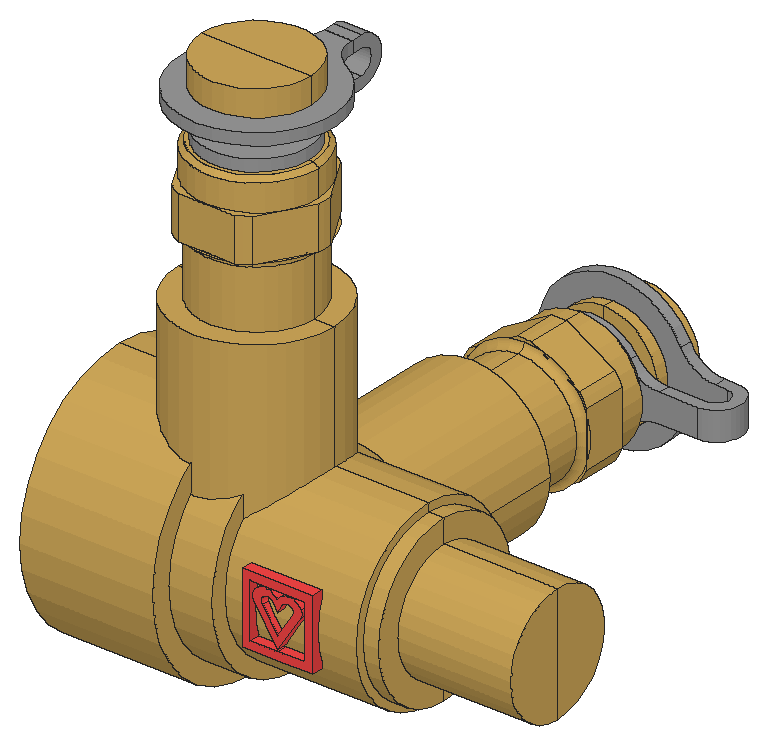
Revit family "Messblende 4000", category Rohrzubehör, Revit 2020
Family settings
  Bemaßung runder Anschluss = Durchmesser verwenden
  Teiletyp = Unterbricht
  OmniClass-Nummer = 23.65.55.14
  OmniClass-Titel = Valves for Liquid Services
  Arbeitsebenenbasiert = Nein
  Immer vertikal = Ja
  Beim Laden mit Abzugskörper schneiden = Nein
  Gemeinsam genutzt = Nein
Parameters
  kvs-Wert [instance] = if(Nennweite = 15.00 mm, 2.2, if(Nennweite = 20.00 mm, 4.25, if(Nennweite = 25.00 mm, 8.6, if(Nennweite = 32.00 mm, 15.9, if(Nennweite = 40.00 mm, 23.7, if(Nennweite = 50.00 mm, 48, 0))))))  # 2.2
  Vorgabe-Ansicht = 0.00 mm
  Verwendung = "HERZ-Messblenden werden in die Strangleitungen von Warmwasser- Zentralheizungsanlagen sowie Kühlanlagen eingebaut und ermöglichen den hydraulischen Abgleich der Strangleitungen untereinander.\r\nDer Einsatz der Messblenden ist im Vorlauf als auch im Rücklauf möglich.\r\nSie werden entweder eng gekoppelt an ein HERZ- Strangregulierventil installiert, um ein komplettes Set zu bilden oder in Verbindung mit einer HERZ Absperrarmatur eingesetzt.\r\nDie Einregulierung des Stranges wird durch Einstellen des Strangregulierventiles während der Druckverlustmessung an der Messblende vorgenommen."
  URL = "www.herz-armaturen.at"
  SCRNSEQ = "AWI;AWI_TYP=\"1001\";02"
  SCRNCODE = "02;01;02"  # constant formula
  S03 = 10.00 mm  # constant formula
  S02 [instance] = S01 - 10.00 mm  # 17.50 mm
  S01 [instance] = H01  # 27.50 mm
  R01 [instance] = size_lookup("4000_", "R1", 1.00 mm, Nennweite)  # 10.00 mm
  Nennweite [instance] = 15.00 mm
  Min. Betriebstemperatur = -20 °C  # constant formula
  Messventile = "Messing, CW602N"  # constant formula
  Medium = "Heizungswasserqualität nach ÖNORM H 5195 oder VDI-Richtline 2035.\r\nDie Verwendung von Ethylen- oder Propylenglykol in einem Mischungsverhältnis 25 - 50 Vol.-% ist zulässig."
  Max. Betriebstemperatur (bis DN32) = 130 °C  # constant formula
  Max. Betriebstemperatur (ab DN40) = 110 °C  # constant formula
  Max. Betriebsdruck = 2000000.0 Pa  # constant formula
  LO01 [instance] = if(Nennweite = 15.00 mm, 30.00 mm, if(Nennweite = 20.00 mm, 32.00 mm, if(Nennweite = 25.00 mm, 37.00 mm, if(Nennweite = 32.00 mm, 42.00 mm, if(Nennweite = 40.00 mm, 42.00 mm, if(Nennweite = 50.00 mm, 45.00 mm, 0.00 mm))))))  # 30.00 mm
  L05 [instance] = size_lookup("4000_", "L5", 1.00 mm, Nennweite)  # 23.00 mm
  L04 [instance] = size_lookup("4000_", "L4", 1.00 mm, Nennweite)  # 16.50 mm
  L03 [instance] = size_lookup("4000_", "L3", 1.00 mm, Nennweite)  # 22.60 mm
  L02 [instance] = size_lookup("4000_", "L2", 1.00 mm, Nennweite)  # 17.00 mm
  L01 [instance] = size_lookup("4000_", "L1", 1.00 mm, Nennweite)  # 17.50 mm
  L00 [instance] = size_lookup("4000_", "L", 1.00 mm, Nennweite)  # 56.00 mm
  IG [instance] = Nennweite / 2  # 7.50 mm
  Hersteller = "HERZ Armaturen Ges.m.b.H."  # constant formula
  H01 [instance] = size_lookup("4000_", "H1", 1.00 mm, Nennweite)  # 27.50 mm
  Gehäuse = "Messing, CC770S"  # constant formula
  GT1 [instance] = size_lookup("4000_", "GT1", 1.00 mm, Nennweite)  # 14.50 mm
  GT [instance] = size_lookup("4000_", "GT", 1.00 mm, Nennweite)  # 13.00 mm
  D04 [instance] = D03 - 1.00 mm  # 10.50 mm
  D03 [instance] = size_lookup("4000_", "D3", 1.00 mm, Nennweite)  # 11.50 mm
  D02 [instance] = size_lookup("4000_", "D2", 1.00 mm, Nennweite)  # 13.50 mm
  D01 [instance] = size_lookup("4000_", "D1", 1.00 mm, Nennweite)  # 16.00 mm
  Bestellnummer [instance] = size_lookup("4000_", "Artnr", 0, Nennweite)  # 1400001
  Ausführung = "Die Messblende aus entzinkungsbeständigem Messing besitzt zwei Messventile. Gemäß EN 10226 hat der Eingang ein Innengewinde Rp und der Ausgang ein Außengewinde R."
  AG [instance] = Nennweite / 2  # 7.50 mm
Reference planes
  plane 1 "Mitte (Vorne/hinten)": y = 0
  plane 2: z = 0
  plane 3 "Mitte (Links/rechts)": x = 0
Forms (mm)
  Revolve 1, solid, material "Messing, weicher Gelbton, geschweißt", detail levels fine
    sketch origin (0, 0, 0) x (1, 0, 0) y (0, 0, 1)
      loop
        line (-4.5, 0) -> (38.5, 0) -> (38.5, 7.5) -> (24, 7.5) -> (24, 10.5) -> (22, 10.5) -> (22, 11.5) -> (5.1, 11.5) -> (5.1, 13.5) -> (-0.5, 13.5) -> (-0.5, 16) -> (-17.5, 16) -> (-17.5, 7.5) -> (-4.5, 7.5) -> (-4.5, 0)
      axis (-17.5, 0) -> (38.5, 0)
    angle from 0 to 360
  Revolve 2, solid, material "Messing, weicher Gelbton, geschweißt", detail levels fine
    sketch origin (0, 0, 0) x (1, 0, 0) y (0, 0, 1)
      loop
        line (-10, 7.5) -> (0, 7.5) -> (0, 27.5) -> (-10, 27.5) -> (-10, 7.5)
      axis (0, 27.5) -> (0, 7.5)
    angle from 0 to 360
  Revolve 3, solid, material "Messing, weicher Gelbton, geschweißt", detail levels fine
    sketch origin (0, 0, 0) x (1, 0, 0) y (0, 1, 0)
      loop
        line (5.5, 7.5) -> (15.5, 7.5) -> (15.5, 27.5) -> (5.5, 27.5) -> (5.5, 7.5)
      axis (5.5, 27.5) -> (5.5, 7.5)
    angle from 0 to 360
Lines and regions (mm)
  model lines, detail levels coarse+medium
    curve 1: line (-17.5, 0, 0) -> (0.5, 0, 0)
    curve 2: line (10.5, 0, -27.5) -> (10.5, 0, 27.5)
    curve 3: line (20.5, 0, 17.5) -> (20.5, 0, -17.5)
    curve 4: line (20.5, 0, 0) -> (38.5, 0, 0)
    curve 5: line (0.5, 0, 17.5) -> (0.5, 0, -17.5)
    curve 6: line (-17.5, 0, 0) -> (0.5, 0, 0)
    curve 7: line (10.5, 27.5, 0) -> (10.5, -27.5, 0)
    curve 8: line (0.5, 17.5, 0) -> (0.5, -17.5, 0)
    curve 9: line (20.5, 17.5, 0) -> (20.5, -17.5, 0)
    curve 10: line (20.5, 0, 0) -> (38.5, 0, 0)
Dimensions and locks
  "L00": Revolve 1 sketch curve to Revolve 1 sketch curve
  "GT": Revolve 1 sketch curve to Revolve 1 sketch curve
  "L01": plane 3 "Mitte (Links/rechts)" to Revolve 1 sketch curve
  "GT1": Revolve 1 sketch curve to Revolve 1 sketch curve
  "L02": Revolve 1 sketch curve to Revolve 1 sketch curve
  "L03": Revolve 1 sketch curve to Revolve 1 sketch curve
  "L04": Revolve 1 sketch curve to Revolve 1 sketch curve
  "AG": Revolve 1 sketch curve to plane 2
  "IG": Revolve 1 sketch curve to plane 2
  "D01": Revolve 1 sketch curve to plane 2
  "D02": Revolve 1 sketch curve to plane 2
  "D03": Revolve 1 sketch curve to plane 2
  "D04": Revolve 1 sketch curve to plane 2
  "D03": nested 1 to plane 1 "Mitte (Vorne/hinten)"
  "LO01": Revolve 1 to nested 1
  "IG": Revolve 2 sketch curve to plane 2
  "H01": Revolve 2 sketch curve to plane 2
  "R01": plane 3 "Mitte (Links/rechts)" to Revolve 2 sketch curve
  "H01": nested 2 to plane 2
  "IG": plane 1 "Mitte (Vorne/hinten)" to Revolve 3 sketch curve
  "H01": plane 1 "Mitte (Vorne/hinten)" to Revolve 3 sketch curve
  "R01": Revolve 3 sketch curve to Revolve 3 sketch curve
  "L05": Revolve 1 to Revolve 3 sketch curve  (x2)
  "H01": plane 1 "Mitte (Vorne/hinten)" to nested 3
  "L05": Revolve 1 to nested 3
  "L01": Revolve 1 to nested 2
  "S01": curve 2 to curve 4 to curve 2
  "L00": curve 1 to curve 4
  "S02": curve 3 to curve 4 to curve 3
  "S03": curve 2 to curve 3
  "S03": curve 2 to curve 5
  equal spacing: curve 4, curve 2, curve 1
  "S02": curve 5 to curve 1 to curve 5
  "L01": plane 3 "Mitte (Links/rechts)" to curve 1
  "L00": curve 6 to curve 10
  equal spacing: curve 6, curve 7, curve 10
  "S03": curve 8 to curve 7 to curve 9
  "S02": curve 9 to curve 10 to curve 9
  "S02": curve 8 to curve 6 to curve 8
  "S01": curve 7 to curve 10 to curve 7
  "L01": curve 6 to plane 3 "Mitte (Links/rechts)"
  aligned and locked: level to plane 2
Automatic sketch dimensions
  curve 4 to level = 0.00 mm
  curve 1 to level = 0.00 mm
  plane 1 "Mitte (Vorne/hinten)" to curve 10 = 0.00 mm
  plane 1 "Mitte (Vorne/hinten)" to curve 6 = 0.00 mm
  Revolve 1 sketch curve to level = 0.00 mm  (x2)
  Revolve 1 sketch curve to Revolve 1 sketch curve = 1489.03 mm
  Revolve 1 sketch curve to Revolve 1 sketch curve = 1800.648 mm
  Revolve 2 sketch curve to plane 3 "Mitte (Links/rechts)" = 0.00 mm  (x2)
  Revolve 2 sketch curve to level = 366.045 mm
  Revolve 2 sketch curve to Revolve 2 sketch curve = 2186.815 mm
  Revolve 3 sketch curve to Revolve 3 sketch curve = 0.00 mm  (x2)
Nested families
  nested 1: "Herz-Logo-vorne" at (12.5, -11.5, 0) x (0, 1, 0) z (0, 0, 1), type "Herz-Logo-vorne", detail levels fine
  nested 2: "Messstutzen_Band_Eintritt_senkrecht_(oben)" at (0, 0, 18.5), type "Messstutzen_Band_Eintritt_senkrecht_(oben)", detail levels fine
    with Schutzkappe yes, Nennweite 0.00 mm, Gewicht 0.00 kg, Bestellnummer 0
  nested 3: "Messstutzen_Band_Austritt_waagrecht" at (5.5, 18.5, 0) x (0, -1, 0) z (0, 0, 1), type "Messstutzen_Band_Austritt_waagrecht", detail levels fine
    with Schutzkappe yes, Nennweite 0.00 mm, Gewicht 0.00 kg, Bestellnummer 0
Connectors
  piping at (-4.5, 0, 0), diameter 15, driven by "Nennweite"
    settings: on Revolve 1, index 1, connector inside diameter 609.6 mm, connector length 0.00 mm, flow factor 0, pipe flow 0.0 L/s, pressure drop 0.0 Pa, fitting loss kfactor 0, connector angle 0.00°, fixture units 0, engagement length 0.00 mm, angle of deflection 0.00°, flow configuration 0, flow direction 1, fitting loss method 0, system type 29, joint type 0, gender type 0, connector reference index -1, connector utility 0, adjustable connector no, is connector primary yes, connector description ""
  piping at (38.5, 0, 0), diameter 15, driven by "Nennweite"
    settings: on Revolve 1, index 2, connector inside diameter 609.6 mm, connector length 0.00 mm, flow factor 0, pipe flow 0.0 L/s, pressure drop 0.0 Pa, fitting loss kfactor 0, connector angle 0.00°, fixture units 0, engagement length 0.00 mm, angle of deflection 0.00°, flow configuration 0, flow direction 2, fitting loss method 0, system type 29, joint type 0, gender type 0, connector reference index -1, connector utility 0, adjustable connector no, is connector primary no, connector description ""
Definition of nested family "Herz-Logo-vorne"
  Parameters (values of type "Herz-Logo-vorne")
    Default Elevation = 0.00 mm
  Reference planes
    plane 1 "Mitte (Vorne/hinten)": y = 0
    plane 2: z = 0
    plane 3 "Mitte (Links/rechts)": x = 0
  Forms (mm)
    Extrusion 1, solid
      sketch origin (0.732, -0.018, 0.017) x (0, -1, 0) y (0, 0, 1)
        loop
          line (-0.018, -4.517) -> (4.482, -4.517) -> (4.482, 4.483) -> (-4.518, 4.483) -> (-4.518, -4.517) -> (-0.018, -4.517)
        loop
          line (-0.05, -3.48) -> (3.482, -3.48) -> (3.482, 3.483) -> (-3.518, 3.483) -> (-3.518, -3.48) -> (-0.05, -3.48)
        loop
          arc (-0.018, 2.383) -> (-1.543, 3.287) -> (-3.067, 2.383) r 1.738
          arc (-3.067, 2.383) -> (-3.191, 1.899) -> (-3.067, 1.415) r 1.009
          line (-3.067, 1.415) -> (-0.018, -3.281) -> (3.032, 1.415)
          arc (3.032, 1.415) -> (3.156, 1.899) -> (3.032, 2.383) r 1.009
          arc (3.032, 2.383) -> (1.507, 3.287) -> (-0.018, 2.383) r 1.738
        loop
          arc (1.885, 1.272) -> (2.005, 1.675) -> (1.885, 2.079) r 0.74
          arc (1.885, 2.079) -> (1.265, 2.416) -> (0.644, 2.079) r 0.74
          line (0.644, 2.079) -> (-0.018, 0.97) -> (-0.679, 2.079)
          arc (-0.679, 2.079) -> (-1.3, 2.416) -> (-1.921, 2.079) r 0.74
          arc (-1.921, 2.079) -> (-2.04, 1.675) -> (-1.921, 1.272) r 0.74
          line (-1.921, 1.272) -> (-0.018, -1.658) -> (1.885, 1.272)
      from 0 to 1.5
  Dimensions and locks
    aligned and locked: level to plane 2
Definition of nested family "Messstutzen_Band_Eintritt_senkrecht_(oben)"
  Parameters (values of type "Messstutzen_Band_Eintritt_senkrecht_(oben)")
    Default Elevation = 0.00 mm
    URL = "www.herz-armaturen.at"
    Schutzkappe [instance] = yes
    Nennweite [instance] = 0.00 mm
    Manufacturer = "Herz Armaturen GmbH"  # constant formula
    Gewicht [instance] = 0.00 kg
    Bestellnummer [instance] = 0
  Reference planes
    plane 1 "Mitte (Vorne/hinten)": y = 0
    plane 2: z = 0
    plane 3 "Mitte (Links/rechts)": x = 0
    plane 4 "Schlaufe 1": z = -27
    plane 5 "Schlaufe 2": z = -31.678
  Forms (mm)
    Revolve 1, solid, detail levels fine
      sketch origin (0, 0, 0) x (1, 0, 0) y (0, 0, 1)
        loop
          line (-7.4, 9) -> (-5.55, 9) -> (-5.55, 6)
          arc (-5.55, 6) -> (-5.626, 5.617) -> (-5.843, 5.293) r 1
          line (-5.843, 5.293) -> (-6.455, 4.681) -> (-6.455, 0.9) -> (-5.555, 0) -> (-2, 0) -> (-2, 17.5) -> (-8.4, 17.5)
          arc (-8.4, 17.5) -> (-7.693, 17.207) -> (-7.4, 16.5) r 1
          line (-7.4, 16.5) -> (-7.4, 9)
        loop
          line (-3.7, 27) -> (-7.3, 27) -> (-7.9, 26.4) -> (-7.9, 23) -> (-2, 23) -> (-2, 35.8) -> (-3.805, 35.8) -> (-4.415, 35.19) -> (-4.415, 30.863) -> (-3.7, 30.45) -> (-3.7, 27)
        axis (0, 0) -> (0, 35.8)
      angle from 0 to 360
    Extrusion 2, solid, detail levels fine
      sketch origin (0, 0, 17.5) x (0, 1, 0) y (-1, 0, 0)
        loop
          arc (-7.07, 5.156) -> (-7.578, 4.375) -> (-8, 3.544) r 8.75
          line (-8, 3.544) -> (-8, -3.544)
          arc (-8, -3.544) -> (-7.578, -4.375) -> (-7.07, -5.156) r 8.75
          line (-7.07, -5.156) -> (-0.93, -8.7)
          arc (-0.93, -8.7) -> (0, -8.75) -> (0.93, -8.7) r 8.75
          line (0.93, -8.7) -> (7.07, -5.156)
          arc (7.07, -5.156) -> (7.578, -4.375) -> (8, -3.544) r 8.75
          line (8, -3.544) -> (8, 3.544)
          arc (8, 3.544) -> (7.578, 4.375) -> (7.07, 5.156) r 8.75
          line (7.07, 5.156) -> (0.93, 8.7)
          arc (0.93, 8.7) -> (0, 8.75) -> (-0.93, 8.7) r 8.75
          line (-0.93, 8.7) -> (-7.07, 5.156)
      from 0 to 5.5
    Revolve 3, solid, visible <- "Schutzkappe", detail levels fine
      sketch origin (0, 0, 0) x (1, 0, 0) y (0, 0, 1)
        loop
          line (0, 35.878) -> (0, 36.678) -> (-7, 36.678) -> (-7, 33.378) -> (-6.1, 33.378) -> (-6.1, 31.678) -> (-6.9, 31.678) -> (-6.9, 30.178) -> (-4.415, 30.178) -> (-4.415, 35.268) -> (-3.805, 35.878) -> (0, 35.878)
        axis (0, 30.178) -> (0, 36.678)
      angle from 0 to 360
    Extrusion 4, solid, detail levels fine
      sketch origin (0, 0, 28.5) x (1, 0, 0) y (0, 1, 0)
        loop
          circle (0, 0) r 3.7
        loop
          arc (-3.906, 5.505) -> (0, -6.75) -> (3.906, 5.505) r 6.75
          arc (3.906, 5.505) -> (2.358, 7.288) -> (1.8, 9.582) r 5
          line (1.8, 9.582) -> (-1.8, 9.582)
          arc (-1.8, 9.582) -> (-2.358, 7.288) -> (-3.906, 5.505) r 5
      from 0 to -1.5
    Extrusion 5, solid, detail levels fine
      sketch origin (0, 0, 33.178) x (1, 0, 0) y (0, 1, 0)
        loop
          circle (0, 0) r 6.1
        loop
          arc (-4.495, 8.652) -> (0, -9.75) -> (4.495, 8.652) r 9.75
          arc (4.495, 8.652) -> (2.527, 10.493) -> (1.8, 13.089) r 5
          line (1.8, 13.089) -> (-1.8, 13.089)
          arc (-1.8, 13.089) -> (-2.527, 10.493) -> (-4.495, 8.652) r 5
      from 0 to -1.5
    Sweep 6, solid, detail levels fine
      path origin (0, 0, 0) x (0, 0, -1) y (0, -1, 0)
        loop
          line (-27.75, -9.582) -> (-27.75, -14.522)
          arc (-27.75, -14.522) -> (-30.089, -16.862) -> (-32.428, -14.522) r 2.339
          line (-32.428, -14.522) -> (-32.428, -13.089)
      profile origin (0, 12.052, 27.75) x (0, 0, 1) y (1, 0, 0)
        loop
          line (-0.75, -1.8) -> (0.75, -1.8) -> (0.75, 1.8) -> (-0.75, 1.8) -> (-0.75, -1.8)
  Dimensions and locks
    aligned and locked: level to plane 2
Definition of nested family "Messstutzen_Band_Austritt_waagrecht"
  Parameters (values of type "Messstutzen_Band_Austritt_waagrecht")
    Default Elevation = 0.00 mm
    URL = "www.herz-armaturen.at"
    Schutzkappe [instance] = yes
    Nennweite [instance] = 0.00 mm
    Manufacturer = "Herz Armaturen GmbH"  # constant formula
    Gewicht [instance] = 0.00 kg
    Bestellnummer [instance] = 0
  Reference planes
    plane 1 "Mitte (Vorne/hinten)": y = 0
    plane 2: z = 0
    plane 3 "Mitte (Links/rechts)": x = 0
  Forms (mm)
    Revolve 1, solid, detail levels fine
      sketch origin (0, 0, 0) x (0, 0, -1) y (1, 0, 0)
        loop
          line (-7.4, -9) -> (-7.4, -16.5)
          arc (-7.4, -16.5) -> (-7.693, -17.207) -> (-8.4, -17.5) r 1
          line (-8.4, -17.5) -> (-2, -17.5) -> (-2, 0) -> (-5.555, 0) -> (-6.455, -0.9) -> (-6.455, -4.681) -> (-5.843, -5.293)
          arc (-5.843, -5.293) -> (-5.626, -5.617) -> (-5.55, -6) r 1
          line (-5.55, -6) -> (-5.55, -9) -> (-7.4, -9)
        loop
          line (-3.7, -27) -> (-3.7, -30.45) -> (-4.415, -30.863) -> (-4.415, -35.19) -> (-3.805, -35.8) -> (-2, -35.8) -> (-2, -23) -> (-7.9, -23) -> (-7.9, -26.4) -> (-7.3, -27) -> (-3.7, -27)
        axis (0, 0) -> (0, -35.8)
      angle from 0 to 360
    Extrusion 2, solid, detail levels fine
      sketch origin (-17.5, 0, 0) x (0, 0, 1) y (0, 1, 0)
        loop
          line (5.156, -7.07) -> (8.7, -0.93)
          arc (8.7, -0.93) -> (8.75, 0) -> (8.7, 0.93) r 8.75
          line (8.7, 0.93) -> (5.156, 7.07)
          arc (5.156, 7.07) -> (4.375, 7.578) -> (3.544, 8) r 8.75
          line (3.544, 8) -> (-3.544, 8)
          arc (-3.544, 8) -> (-4.375, 7.578) -> (-5.156, 7.07) r 8.75
          line (-5.156, 7.07) -> (-8.7, 0.93)
          arc (-8.7, 0.93) -> (-8.75, 0) -> (-8.7, -0.93) r 8.75
          line (-8.7, -0.93) -> (-5.156, -7.07)
          arc (-5.156, -7.07) -> (-4.375, -7.578) -> (-3.544, -8) r 8.75
          line (-3.544, -8) -> (3.544, -8)
          arc (3.544, -8) -> (4.375, -7.578) -> (5.156, -7.07) r 8.75
      from 0 to 5.5
    Revolve 3, solid, visible <- "Schutzkappe", detail levels fine
      sketch origin (0, 0, 0) x (0, 0, -1) y (1, 0, 0)
        loop
          line (0, -35.878) -> (-3.805, -35.878) -> (-4.415, -35.268) -> (-4.415, -30.178) -> (-6.9, -30.178) -> (-6.9, -31.678) -> (-6.1, -31.678) -> (-6.1, -33.378) -> (-7, -33.378) -> (-7, -36.678) -> (0, -36.678) -> (0, -35.878)
        axis (0, -30.178) -> (0, -36.678)
      angle from 0 to 360
    Extrusion 4, solid, detail levels fine
      sketch origin (-27, 0, 0) x (0, 1, 0) y (0, 0, 1)
        loop
          circle (0, 0) r 3.7
        loop
          arc (5.505, 3.906) -> (-6.75, 0) -> (5.505, -3.906) r 6.75
          arc (5.505, -3.906) -> (7.288, -2.358) -> (9.582, -1.8) r 5
          line (9.582, -1.8) -> (9.582, 1.8)
          arc (9.582, 1.8) -> (7.288, 2.358) -> (5.505, 3.906) r 5
      from 0 to -1.5
    Extrusion 5, solid, detail levels fine
      sketch origin (-31.678, 0, 0) x (0, 1, 0) y (0, 0, 1)
        loop
          circle (0, 0) r 6.1
        loop
          arc (8.652, 4.495) -> (-9.75, 0) -> (8.652, -4.495) r 9.75
          arc (8.652, -4.495) -> (10.493, -2.527) -> (13.089, -1.8) r 5
          line (13.089, -1.8) -> (13.089, 1.8)
          arc (13.089, 1.8) -> (10.493, 2.527) -> (8.652, 4.495) r 5
      from 0 to -1.5
    Sweep 6, solid, detail levels fine
      path origin (0, 0, 0) x (0, -1, 0) y (1, 0, 0)
        loop
          line (-9.582, -27.75) -> (-14.522, -27.75)
          arc (-14.522, -27.75) -> (-16.862, -30.089) -> (-14.522, -32.428) r 2.339
          line (-14.522, -32.428) -> (-13.089, -32.428)
      profile origin (-27.75, 12.052, 0) x (-1, 0, 0) y (0, 0, 1)
        loop
          line (-0.75, 1.8) -> (-0.75, -1.8) -> (0.75, -1.8) -> (0.75, 1.8) -> (-0.75, 1.8)
  Cuts and joins
    joined: Extrusion 4, Extrusion 5, Sweep 6
  Dimensions and locks
    aligned and locked: level to plane 2
